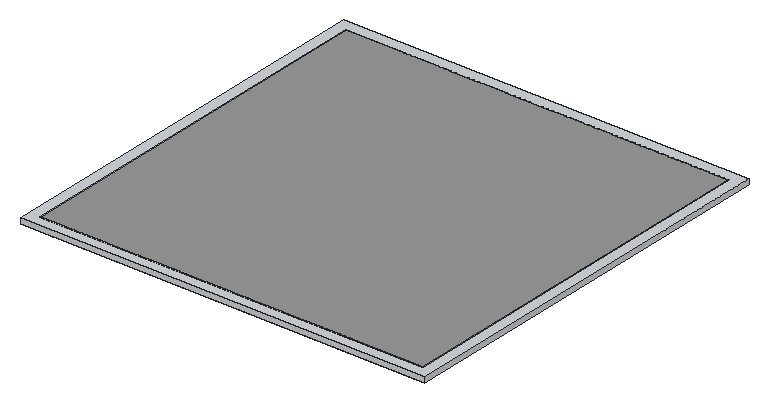
Revit family "44635", category Lighting Fixtures, host Face, Revit 2018
Family settings
  Host = Face
  Round Connector Dimension = Use Diameter
  Part Type = Normal
  OmniClass Number = 23.80.70.00
  OmniClass Title = Lighting
  Cut with Voids When Loaded = No
  Light Source = Yes
  Shared = No
  Room Calculation Point = No
Parameters (values of type "0044635 START PANEL 600X600 3800 830")
  box length = 1160 mm
  Weight = "n/a"
  Wattage Comments = ""
  Wattage = 9.2903 W
  WarrantyStartDate [instance] = "n/a"
  WarrantyGuarantorParts = "n/a"
  WarrantyDurationUnit = "n/a"
  WarrantyDurationParts = ""
  WarrantyDescription = "http://www.sylvania-lighting.com"
  built-in parameter 1150110 = 1 (stored number, unit not read)
  Voltage = 0 V
  URL = "0.9"
  TypeName = "START Panel 600x600 3800lm 830"
  Type Image = <None>
  Type Comments = "n/a"
  built-in parameter 1114217 = 1 (stored number, unit not read)
  Tilt Angle = -90.00°
  built-in parameter 1150109 = 1 (stored number, unit not read)
  built-in parameter 1150134 = 3
  built-in parameter 1150113 = 1 (stored number, unit not read)
  SerialNumber [instance] = "n/a"
  Photometric Web File = "0044635.IES"
  Material_3_SYL = none
  PowerFactor = 0
  PowerConsumption = "Lighting"
  NominalLength = 595 mm
  NominalHeight = 25 mm
  NominalDepth = 595 mm
  Name = "START Panel 600x600 3800lm 830"
  ModelReference = Name  # "START Panel 600x600 3800lm 830"
  ModelNumber = "0044635"
  Model = Name  # "START Panel 600x600 3800lm 830"
  Material = "Feilo Sylvania"
  ManufacturerName = "127 lm/W"
  Manufacturer = ""
  LuminousEfficacy = ""
  built-in parameter 1150105 = 109.82 (stored number, unit not read)
  Lumens = 1380 lm
  LuminaireType = "0"
  built-in parameter 1150115 = 1 (stored number, unit not read)
  LightOutputRatio = "LED"
  built-in parameter 1150137 = (empty or 0)
  built-in parameter 1150139 = (empty or 0)
  LampsType = Lamp  # "n/a"
  LampNominalLuminous = "3000 K"
  LampMacAdamStep = "80"
  LampColourTemperature = "LED"
  LampColourRenderingIndex = "16500"
  built-in parameter 1150112 = 1 (stored number, unit not read)
  built-in parameter 1150114 = 1 (stored number, unit not read)
  Lamp = "n/a"
  Keynote = "n/a"
  InstallationDate [instance] = "n/a"
  InputVoltage = "0"
  InputNominalFrequency = "3000"
  built-in parameter 1150132 = (empty or 0)
  built-in parameter 1150102 = (empty or 0)
  built-in parameter 1150107 = 3200 (stored number, unit not read)
  built-in parameter 1150138 = (empty or 0)
  IngressProtection = "IfcLightFixtureType"
  ImpactProtectionIndex = "IfcLightFixtureType"
  built-in parameter 1150106 = 1.0982 (stored number, unit not read)
  IfcExportType = "IfcLightFixtureType"
  IfcExportAs = "Class II"
  Emit from Circle Diameter = 609.6 mm
  Emit Shape Visible in Rendering = no
  ElectricShockClassification = "127"
  built-in parameter 1150104 = 13.8 (stored number, unit not read)
  DocumentationLiterature = "http://www.sylvania-lighting.com/product/en-int/products/0044635"
  DimmingControlOptions = "n/a"
  Material_2_SYL = none
  Dimming Lamp Color Temperature Shift = <None>
  Description = "LED Panel with backlit technology, ideal for general indoor lighting applications such as breakout areas, offices and meeting rooms. Extruded aluminium frame, passive cooling. Low glaring UGR<22. RG0, 110 degree beam angle , optical system: PS diffuser with Opal finish. Light color temperature: 3000K Warm White, total system power: 30W , total fixture output: 3800lm, efficacy: 127 lm/W, Ra80 typical, LED chromacity: 3 step MacAdam ellipse (SDCM3), lifespan: 100,000 hours at 70% of the original output (L70B50), IR/UV free light source without heat radiation, operating voltage: 220-240V / 50-60Hz, low flicker, non dimmable driver, electrical protection: Class II. Degree of Protection: IP40/IP20, suitable for indoor environment only. Nominal size: 595x595mm, Loop in / loop out wiring, saftey cables & quick connector included, 25mm nominal height, White color frame, weight: 1,67Kg."
  Default Elevation = 1219.2 mm
  CreatedOn = "20/11/2023"
  CreatedBy = "@sylvania-lighting.com"
  Cost = 0
  Color Filter = 16777215
  built-in parameter 1114216 [instance] = (empty or 0)
  ClassificationValue = "EF_70_80"
  ClassificationName = "Uniclass2015"
  Material_1_SYL = none
  BarCode [instance] = "n/a"
  built-in parameter 1114218 = 1 (stored number, unit not read)
  built-in parameter 1150133 = 10 (stored number, unit not read)
  AssetType = "Fixed"
  AssetIdentifier [instance] = "n/a"
  Assembly Code = "D5020200"
  Apparent Load = 30 VA
  Material_4_SYL = none
Reference planes
  plane 1 "Center (Front/Back)": y = 0
  plane 2: z = 0
  plane 3 "Center (Left/Right)": x = 0
  plane 4: x = -297.5
  plane 5: x = 297.5
  plane 6: y = 297.5
  plane 7: y = -297.5
  plane 8: z = 1
  plane 9: x = -281.5
  plane 10: y = 281.5
  plane 11: y = -281.5
  plane 12: y = -273.5
  plane 13: y = 273.5
  plane 14: x = -273.482
  plane 15: x = 273.5
  plane 16: z = -17
  plane 17: z = 8
  plane 18: z = 8
  plane 19: x = 281.5
  plane 20: y = 266.5
  plane 21: x = -267.5
  plane 22: y = -266.5
  plane 23: x = 266.5
Forms (mm)
  Extrusion 1, solid, detail levels medium+fine
    sketch origin (0, 0, 0) x (1, 0, 0) y (0, 1, 0)
      loop
        line (-297.5, 297.5) -> (-297.5, -297.5) -> (297.5, -297.5) -> (297.5, 297.5) -> (-297.5, 297.5)
    from 0 to 8
  Extrusion 2, void
    sketch origin (0, 0, 0) x (1, 0, 0) y (0, 1, 0)
      loop
        line (-281.5, 281.5) -> (-281.5, -281.5) -> (281.5, -281.5) -> (281.5, 281.5) -> (-281.5, 281.5)
    from 8 to 6.494
  Extrusion 3, solid, material "Glass, White, High Luminance", detail levels fine
    sketch origin (0, 0, 0) x (1, 0, 0) y (0, 1, 0)
      loop
        line (-281.5, 281.5) -> (-281.5, -281.5) -> (281.5, -281.5) -> (281.5, 281.5) -> (-281.5, 281.5)
    from 8 to 6.494
  Blend 4, solid, detail levels medium+fine
    base sketch origin (0, 0, 0) x (1, 0, 0) y (0, 1, 0)
      loop
        line (-281.5, 266.5) -> (-281.5, -266.5)
        arc (-281.5, -266.5) -> (-277.466, -276.768) -> (-267.5, -281.5) r 15
        line (-267.5, -281.5) -> (266.5, -281.5)
        arc (266.5, -281.5) -> (277.107, -277.107) -> (281.5, -266.5) r 15
        line (281.5, -266.5) -> (281.5, 266.5)
        arc (281.5, 266.5) -> (277.107, 277.107) -> (266.5, 281.5) r 15
        line (266.5, 281.5) -> (-267.5, 281.5)
        arc (-267.5, 281.5) -> (-277.466, 276.768) -> (-281.5, 266.5) r 15
    top sketch origin (0, 0, 0) x (1, 0, 0) y (0, 1, 0)
      loop
        line (-273.482, 266.5) -> (-273.482, -266.5)
        arc (-273.482, -266.5) -> (-271.692, -271.026) -> (-267.5, -273.5) r 7.5
        line (-267.5, -273.5) -> (266.5, -273.5)
        arc (266.5, -273.5) -> (271.319, -271.319) -> (273.5, -266.5) r 7.5
        line (273.5, -266.5) -> (273.5, 266.5)
        arc (273.5, 266.5) -> (271.319, 271.319) -> (266.5, 273.5) r 7.5
        line (266.5, 273.5) -> (-267.5, 273.5)
        arc (-267.5, 273.5) -> (-271.692, 271.026) -> (-273.482, 266.5) r 7.5
    from 0 to -17
  Extrusion 5, solid, detail levels coarse
    sketch origin (0, 0, 0) x (1, 0, 0) y (0, 0, 1)
      loop
        line (-297.5, 8) -> (-297.5, -17) -> (297.5, -17) -> (297.5, 8) -> (-297.5, 8)
    from -297.5 to 297.5
Cuts and joins
  Extrusion 2 cuts Extrusion 1
Dimensions and locks
  "NominalLength": plane 4 to plane 5
  equal spacing: plane 4, plane 3 "Center (Left/Right)", plane 5
  "NominalDepth": plane 6 to plane 7
  equal spacing: plane 6, plane 1 "Center (Front/Back)", plane 7
  "NominalHeight": plane 16 to plane 17
  "NominalHeight": plane 18 to plane 16
  aligned and locked: plane 2 to host face
  aligned and locked: level to host face
Automatic sketch dimensions
  host sketch curve to host sketch curve = 2438.4 mm  (x2)
  Extrusion 1 sketch curve to plane 4 = 0 mm
  Extrusion 1 sketch curve to plane 5 = 0 mm
  Extrusion 1 sketch curve to plane 7 = 0 mm
  Extrusion 1 sketch curve to plane 6 = 0 mm
  Extrusion 2 sketch curve to plane 9 = 0 mm
  Extrusion 2 sketch curve to plane 11 = 0 mm
  Extrusion 2 sketch curve to plane 10 = 0 mm
  Extrusion 3 sketch curve to plane 9 = 0 mm
  Extrusion 3 sketch curve to plane 11 = 0 mm
  Extrusion 3 sketch curve to plane 10 = 0 mm
  plane 15 to Extrusion 2 sketch curve = 8 mm
  plane 15 to Extrusion 3 sketch curve = 8 mm
  Blend 4 sketch curve to plane 9 = 0 mm
  Blend 4 sketch curve to plane 10 = 0 mm
  Blend 4 sketch curve to plane 21 = 0 mm  (x4)
  Blend 4 sketch curve to plane 11 = 0 mm
  Blend 4 sketch curve to plane 22 = 0 mm  (x4)
  Blend 4 sketch curve to plane 23 = 0 mm  (x3)
  Blend 4 sketch curve to plane 20 = 0 mm  (x4)
  Blend 4 sketch curve to plane 22 = 0.033 mm
  plane 20 to Blend 4 sketch curve = 0.033 mm
  Blend 4 sketch curve to plane 14 = 0 mm
  Blend 4 sketch curve to plane 13 = 0 mm
  Blend 4 sketch curve to plane 12 = 0 mm
  Blend 4 sketch curve to plane 15 = 0 mm
  plane 22 to Blend 4 sketch curve = 0.346 mm
  Blend 4 sketch curve to plane 20 = 0.346 mm
  Blend 4 sketch curve to plane 20 = 0.484 mm
  plane 22 to Blend 4 sketch curve = 0.484 mm
  Extrusion 5 sketch curve to plane 4 = 0 mm
  Extrusion 5 sketch curve to plane 5 = 0 mm
  Extrusion 5 sketch curve to plane 16 = 0 mm
  Extrusion 5 sketch curve to plane 17 = 0 mm
Connectors
  electrical at (0, 0, 0)
    settings: on cut or joined group of Extrusion 1, Extrusion 2, index 1, voltage 0 V, apparent load 0 VA, apparent load phase1 0 VA, apparent load phase2 0 VA, apparent load phase3 0 VA, power factor 1, load classification "Other", number of poles 1, system type 31, power factor state 1, is connector primary yes, connector utility no, sub classification motor no, connector description ""
